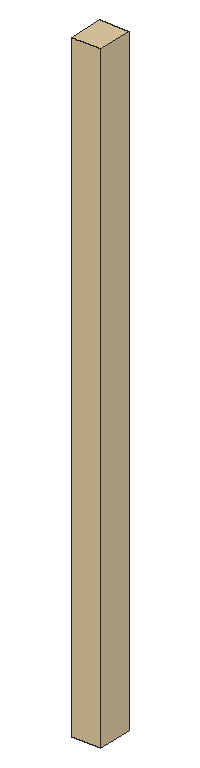
Revit family "56deee9608184c13b96bcbe8c8907393", category Structural Columns, Revit 2021
Family settings
  Section Shape = Not Defined
  Material for Model Behavior = Wood
  Always export as geometry = No
  Beam cutback in plan = From bounding box
  OmniClass Number = 23.25.30.11.14.11
  OmniClass Title = Columns
  Seek Item ID = Glulam-Western Species-Column-0000-USA-ENU
  Cut with Voids When Loaded = No
  Symbolic Representation = From Project Settings
  Shared = No
  Show family pre-cut in plan views = Yes
Parameters (values of type "5.125x6")
  Structural Material [instance] = Softwood, Lumber
  A = 30.24 in²
  Assembly Code = "B10"
  Ix = 92.3
  Iy = 67.31
  Laminations = "4"
  Sx = 30.75
  Sy = 26.27
  b = 0' - 5 1/8"
  d = 0' - 6"
Types (2): name | A | Ix | Iy | Sx | Sy | b
  5.125x6 | 30.24 in² | 92.3 | 67.31 | 30.75 | 26.27 | 0' - 5 1/8"
  3.125x6 | 18.72 in² | 56.25 | 15.26 | 18.75 | 9.77 | 0' - 3 1/8"
Reference planes (in)
  plane 1 "Center (Front/Back)": y = 0
  plane 2: z = 0
  plane 3 "Center (Left/Right)": x = 0
  plane 4: x = -2.5625
  plane 5: x = 2.5625
  plane 6: y = 3
  plane 7: y = -3
Forms (in)
  Extrusion 1, solid, material "Softwood, Lumber" <- "Structural Material", detail levels medium+fine
    sketch origin (0, 0, 0) x (1, 0, 0) y (0, 1, 0)
      loop
        line (-2.5625, 3) -> (-2.5625, -3) -> (2.5625, -3) -> (2.5625, 3) -> (-2.5625, 3)
    from 0 to 108
Lines and regions (in)
  symbolic lines, style "StructuralColumnStickSymbols", detail levels coarse
    curve 1: line (-2.5625, 3, 0) -> (2.5625, 3, 0)
    curve 2: line (-2.5625, -3, 0) -> (2.5625, -3, 0)
    curve 3: line (-2.5625, 3, 0) -> (-2.5625, -3, 0)
    curve 4: line (2.5625, 3, 0) -> (2.5625, -3, 0)
Dimensions and locks (in)
  equal spacing: plane 4, plane 3 "Center (Left/Right)", plane 5
  equal spacing: plane 7, plane 1 "Center (Front/Back)", plane 6
  "d": plane 7 to plane 6
  "b": plane 4 to plane 5
  aligned and locked: plane 6 to Extrusion 1 sketch curve
  aligned and locked: Extrusion 1 sketch curve to plane 7
  aligned and locked: Extrusion 1 sketch curve to plane 4
  aligned and locked: plane 5 to Extrusion 1 sketch curve
  aligned and locked: level to Extrusion 1
  aligned and locked: level to plane 2
  aligned and locked: Extrusion 1 to plane 2
Automatic sketch dimensions
  curve 3 to plane 4 = 0' - 0"
  curve 4 to plane 5 = 0' - 0"
  curve 3 to plane 7 = 0' - 0"
  curve 3 to plane 6 = 0' - 0"
